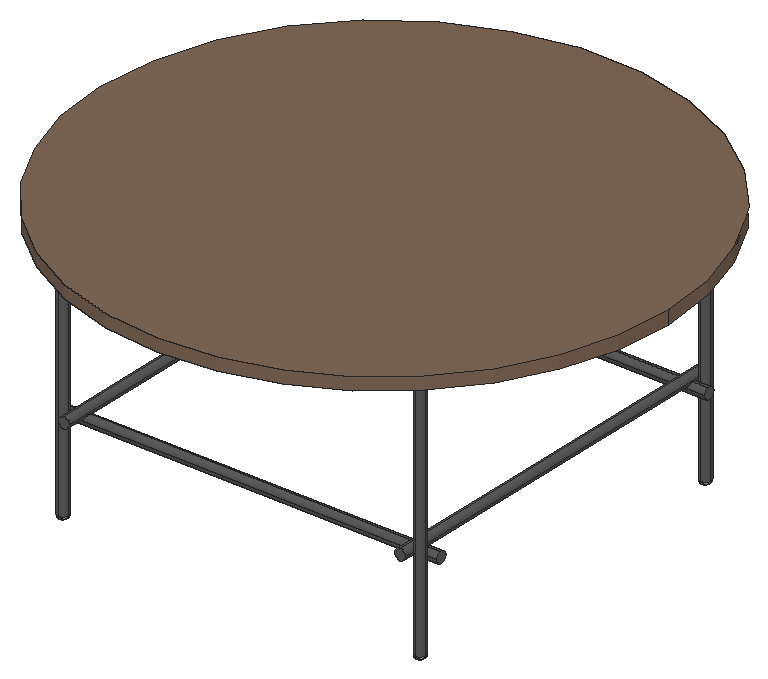
Revit family "FU_Modular_Sandler_NUC0120", category Furniture, Revit 2020
Family settings
  OmniClass Number = 23.40.20.00
  OmniClass Title = General Furniture and Specialties
  Work Plane-Based = No
  Always vertical = Yes
  Cut with Voids When Loaded = No
  Shared = No
  Room Calculation Point = No
Parameters (values of type "NUC0120")
  Width = 800 mm
  URL = "https://www.sandlerseating.com/product/nuc-0120/"
  Top [instance] = Wood - Black Walnut
  Model = "NUC 0120"
  Manufacturer = "Sandler"
  Height = 380 mm
  Frame [instance] = Epoxy - M1_B00 - Black
  Description = "Low table on epoxy steel frame. 80cm / 31.5″ diameter."
  Depth = 800 mm
  Default Elevation = 0 mm
Reference planes
  plane 1 "Center (Front/Back)": y = 0
  plane 2: z = 0
  plane 3 "Center (Left/Right)": x = 0
  plane 4 "Right": x = -400
  plane 5 "Left": x = 400
  plane 6 "Back": y = 400
  plane 7 "Front": y = -400
  plane 8 "Height": z = 380
  plane 9 "Top base": z = 362
  plane 10 "Right Inner": x = -368
  plane 11 "Front Inner": y = -368
  plane 12 "Left Inner": x = 368
  plane 13 "Back Inner": y = 368
Forms (mm)
  Extrusion 1, solid, material "Wood - Black Walnut" <- "Top"
    sketch origin (0, 0, 362) x (-1, 0, 0) y (0, -1, 0)
      loop
        circle (0, 0) r 400
    from 0 to 18
Dimensions and locks
  equal spacing: plane 4 "Right", plane 3 "Center (Left/Right)", plane 5 "Left"
  "Width": plane 4 "Right" to plane 5 "Left"
  equal spacing: plane 6 "Back", plane 1 "Center (Front/Back)", plane 7 "Front"
  "Depth": plane 6 "Back" to plane 7 "Front"
  "Height": plane 8 "Height" to level
  plane 8 "Height" to plane 9 "Top base" = 18 mm
  locked: plane 6 "Back" to plane 13 "Back Inner" at 32
  locked: plane 4 "Right" to plane 10 "Right Inner" at 32
  locked: plane 11 "Front Inner" to plane 7 "Front" at 32
  locked: plane 12 "Left Inner" to plane 5 "Left" at 32
  aligned and locked: level to plane 2
Automatic sketch dimensions
  plane 1 "Center (Front/Back)" to Extrusion 1 sketch curve = 0 mm
  Extrusion 1 sketch curve to plane 3 "Center (Left/Right)" = 0 mm
  radius of Extrusion 1 sketch curve = 400 mm
Nested families
  nested 1: "NUC_Frame" at (0, 0, 0), Frame <- "Frame", type "Frame 020"
    with Frame Epoxy - M1_B00 - Black, Height 490 mm
Definition of nested family "NUC_Frame"
  Parameters (values of type "Frame 020")
    Width = 600 mm
    URL = ""
    Model = ""
    Manufacturer = ""
    Height = 495 mm
    Frame [instance] = none
    Description = ""
    Depth = 600 mm
    Default Elevation = 0 mm
  Reference planes
    plane 1 "Center (Front/Back)": y = 0
    plane 2: z = 0
    plane 3 "Center (Left/Right)": x = 0
    plane 4 "Right": x = -300
    plane 5 "Left": x = 300
    plane 6 "Back": y = 300
    plane 7 "Front": y = -300
    plane 8 "Height": z = 495
    plane 9 "Seat base": z = 380
    plane 10 "Cross Right TOP": x = -268.091
    plane 11 "Side Back TOP": y = 267.81
    plane 12 "RL CY TOP": x = -251.061
    plane 13 "RS C TOP": x = -235.848
    plane 14 "BL CX TOP": y = 250.755
    plane 15 "BC C TOP": y = 235.681
    plane 16 "Side Front TOP": y = -267.81
    plane 17 "FL CX TOP": y = -250.755
    plane 18 "FC C TOP": y = -235.229
    plane 19 "Cross Left TOP": x = 268.091
    plane 20 "FL CY TOP": x = 251.061
    plane 21 "LS C TOP": x = 236.785
    plane 22 "Glide FRONT": z = 5.5
    plane 23 "Cross C FRONT": z = 125.125
    plane 24 "Side C RIGHT": z = 132.455
  Forms (mm)
    Sweep 1, solid, material <- "Frame"
      path origin (0, 250.755, 0) x (1, 0, 0) y (0, 0, 1)
        loop
          line (-251.061, 5.5) -> (-251.061, 380)
      profile "Pro_Circles : 15mm" origin (-251.061, 250.755, 192.75) x (-1, 0, 0) y (0, -1, 0)
        loop
          arc (-7.467, 0.067) -> (-5.347, -5.252) -> (-0.067, -7.467) r 7.401
          arc (-0.067, -7.467) -> (5.3, -5.301) -> (7.467, 0.067) r 7.402
          arc (7.467, 0.067) -> (5.252, 5.347) -> (-0.067, 7.467) r 7.401
          arc (-0.067, 7.467) -> (-5.299, 5.299) -> (-7.467, 0.067) r 7.4
    Sweep 2, solid, material <- "Frame"
      path origin (0, -250.755, 0) x (1, 0, 0) y (0, 0, 1)
        loop
          line (-251.061, 5.5) -> (-251.061, 380)
      profile "Pro_Circles : 15mm" origin (-251.061, -250.755, 192.75) x (1, 0, 0) y (0, 1, 0)
        loop
          arc (7.467, 0.067) -> (5.299, 5.299) -> (0.067, 7.467) r 7.4
          arc (0.067, 7.467) -> (-5.252, 5.347) -> (-7.467, 0.067) r 7.401
          arc (-7.467, 0.067) -> (-5.3, -5.301) -> (0.067, -7.467) r 7.402
          arc (0.067, -7.467) -> (5.347, -5.252) -> (7.467, 0.067) r 7.401
    Sweep 3, solid, material <- "Frame"
      path origin (0, 250.755, 0) x (-1, 0, 0) y (0, 0, 1)
        loop
          line (-251.061, 5.5) -> (-251.061, 380)
      profile "Pro_Circles : 15mm" origin (251.061, 250.755, 192.75) x (-1, 0, 0) y (0, -1, 0)
        loop
          arc (7.467, 0.067) -> (5.299, 5.299) -> (0.067, 7.467) r 7.4
          arc (0.067, 7.467) -> (-5.252, 5.347) -> (-7.467, 0.067) r 7.401
          arc (-7.467, 0.067) -> (-5.3, -5.301) -> (0.067, -7.467) r 7.402
          arc (0.067, -7.467) -> (5.347, -5.252) -> (7.467, 0.067) r 7.401
    Sweep 4, solid, material <- "Frame"
      path origin (0, -250.755, 0) x (-1, 0, 0) y (0, 0, 1)
        loop
          line (-251.061, 5.5) -> (-251.061, 380)
      profile "Pro_Circles : 15mm" origin (251.061, -250.755, 192.75) x (1, 0, 0) y (0, 1, 0)
        loop
          arc (-7.467, 0.067) -> (-5.347, -5.252) -> (-0.067, -7.467) r 7.401
          arc (-0.067, -7.467) -> (5.3, -5.301) -> (7.467, 0.067) r 7.402
          arc (7.467, 0.067) -> (5.252, 5.347) -> (-0.067, 7.467) r 7.401
          arc (-0.067, 7.467) -> (-5.299, 5.299) -> (-7.467, 0.067) r 7.4
    Sweep 5, solid, material <- "Frame"
      path origin (0, 235.681, 0) x (1, 0, 0) y (0, 0, 1)
        loop
          line (-268.091, 125.125) -> (268.091, 125.125)
      profile "Pro_Circles : 15mm" origin (0, 235.681, 125.125) x (0, 0, 1) y (0, -1, 0)
        loop
          arc (-7.467, 0.067) -> (-5.347, -5.252) -> (-0.067, -7.467) r 7.401
          arc (-0.067, -7.467) -> (5.3, -5.301) -> (7.467, 0.067) r 7.402
          arc (7.467, 0.067) -> (5.252, 5.347) -> (-0.067, 7.467) r 7.401
          arc (-0.067, 7.467) -> (-5.299, 5.299) -> (-7.467, 0.067) r 7.4
    Sweep 6, solid, material <- "Frame"
      path origin (0, -235.229, 0) x (1, 0, 0) y (0, 0, 1)
        loop
          line (-268.091, 125.125) -> (268.091, 125.125)
      profile "Pro_Circles : 15mm" origin (0, -235.229, 125.125) x (0, 0, -1) y (0, 1, 0)
        loop
          arc (7.467, 0.067) -> (5.299, 5.299) -> (0.067, 7.467) r 7.4
          arc (0.067, 7.467) -> (-5.252, 5.347) -> (-7.467, 0.067) r 7.401
          arc (-7.467, 0.067) -> (-5.3, -5.301) -> (0.067, -7.467) r 7.402
          arc (0.067, -7.467) -> (5.347, -5.252) -> (7.467, 0.067) r 7.401
    Sweep 7, solid, material <- "Frame"
      path origin (0, 0, 132.455) x (0, -1, 0) y (1, 0, 0)
        loop
          line (267.81, -235.848) -> (-267.81, -235.848)
      profile "Pro_Circles : 15mm" origin (-235.848, 0, 132.455) x (-1, 0, 0) y (0, 0, 1)
        loop
          arc (-7.467, 0.067) -> (-5.347, -5.252) -> (-0.067, -7.467) r 7.401
          arc (-0.067, -7.467) -> (5.3, -5.301) -> (7.467, 0.067) r 7.402
          arc (7.467, 0.067) -> (5.252, 5.347) -> (-0.067, 7.467) r 7.401
          arc (-0.067, 7.467) -> (-5.299, 5.299) -> (-7.467, 0.067) r 7.4
    Sweep 8, solid, material <- "Frame"
      path origin (0, 0, 132.455) x (0, -1, 0) y (-1, 0, 0)
        loop
          line (267.81, -236.785) -> (-267.81, -236.785)
      profile "Pro_Circles : 15mm" origin (236.785, 0, 132.455) x (-1, 0, 0) y (0, 0, 1)
        loop
          arc (7.467, 0.067) -> (5.299, 5.299) -> (0.067, 7.467) r 7.4
          arc (0.067, 7.467) -> (-5.252, 5.347) -> (-7.467, 0.067) r 7.401
          arc (-7.467, 0.067) -> (-5.3, -5.301) -> (0.067, -7.467) r 7.402
          arc (0.067, -7.467) -> (5.347, -5.252) -> (7.467, 0.067) r 7.401
    Revolve 9, solid
      sketch origin (0, 250.755, 0) x (1, 0, 0) y (0, 0, 1)
        loop
          line (-258.073, 5.5) -> (-258.073, 2.935)
          arc (-258.073, 2.935) -> (-257.708, 1.769) -> (-256.742, 1.02) r 2.043
          arc (-256.742, 1.02) -> (-253.947, 0.256) -> (-251.061, -0.002) r 16.329
          line (-251.061, -0.002) -> (-251.061, 18.327) -> (-256.144, 18.327) -> (-256.144, 5.5) -> (-258.073, 5.5)
        axis (-251.061, 18.327) -> (-251.061, -0.002)
      angle from 0 to 360
    Revolve 10, solid
      sketch origin (0, 250.755, 0) x (-1, 0, 0) y (0, 0, 1)
        loop
          line (-258.073, 5.5) -> (-258.073, 2.935)
          arc (-258.073, 2.935) -> (-257.708, 1.769) -> (-256.742, 1.02) r 2.043
          arc (-256.742, 1.02) -> (-253.947, 0.256) -> (-251.061, -0.002) r 16.329
          line (-251.061, -0.002) -> (-251.061, 18.327) -> (-256.144, 18.327) -> (-256.144, 5.5) -> (-258.073, 5.5)
        axis (-251.061, 18.327) -> (-251.061, -0.002)
      angle from 0 to 360
    Revolve 11, solid
      sketch origin (0, -250.755, 0) x (1, 0, 0) y (0, 0, 1)
        loop
          line (258.073, 5.5) -> (256.144, 5.5) -> (256.144, 18.327) -> (251.061, 18.327) -> (251.061, -0.002)
          arc (251.061, -0.002) -> (253.947, 0.256) -> (256.742, 1.02) r 16.329
          arc (256.742, 1.02) -> (257.708, 1.769) -> (258.073, 2.935) r 2.043
          line (258.073, 2.935) -> (258.073, 5.5)
        axis (251.061, 18.327) -> (251.061, -0.002)
      angle from 0 to 360
    Revolve 12, solid
      sketch origin (0, -250.755, 0) x (1, 0, 0) y (0, 0, 1)
        loop
          line (-258.073, 5.5) -> (-258.073, 2.935)
          arc (-258.073, 2.935) -> (-257.708, 1.769) -> (-256.742, 1.02) r 2.043
          arc (-256.742, 1.02) -> (-253.947, 0.256) -> (-251.061, -0.002) r 16.329
          line (-251.061, -0.002) -> (-251.061, 18.327) -> (-256.144, 18.327) -> (-256.144, 5.5) -> (-258.073, 5.5)
        axis (-251.061, 18.327) -> (-251.061, -0.002)
      angle from 0 to 360
  Dimensions and locks
    equal spacing: plane 4 "Right", plane 3 "Center (Left/Right)", plane 5 "Left"
    "Width": plane 4 "Right" to plane 5 "Left"
    equal spacing: plane 6 "Back", plane 1 "Center (Front/Back)", plane 7 "Front"
    "Depth": plane 6 "Back" to plane 7 "Front"
    "Height": plane 8 "Height" to level
    plane 8 "Height" to plane 9 "Seat base" = 115 mm
    plane 6 "Back" to plane 11 "Side Back TOP" to plane 14 "BL CX TOP" to plane 15 "BC C TOP" = 32.19 mm locked, 17.055 mm locked, 15.074 mm locked
    plane 4 "Right" to plane 10 "Cross Right TOP" to plane 12 "RL CY TOP" to plane 13 "RS C TOP" = 31.909 mm locked, 17.03 mm locked, 15.213 mm locked
    plane 21 "LS C TOP" to plane 20 "FL CY TOP" to plane 19 "Cross Left TOP" to plane 5 "Left" = 14.275 mm locked, 17.03 mm locked, 31.909 mm locked
    plane 18 "FC C TOP" to plane 17 "FL CX TOP" to plane 16 "Side Front TOP" to plane 7 "Front" = 15.526 mm locked, 17.055 mm locked, 32.19 mm locked
    aligned and locked: level to plane 2
    aligned and locked: plane 9 "Seat base" to Sweep 1 sketch curve
    aligned and locked: plane 22 "Glide FRONT" to Sweep 1 sketch curve
    aligned and locked: plane 19 "Cross Left TOP" to Sweep 5 sketch curve
    aligned and locked: plane 10 "Cross Right TOP" to Sweep 5 sketch curve
    aligned and locked: plane 11 "Side Back TOP" to Sweep 7 sketch curve
    aligned and locked: plane 16 "Side Front TOP" to Sweep 7 sketch curve
  Automatic sketch dimensions
    plane 12 "RL CY TOP" to Sweep 1 sketch curve = 0 mm
    Sweep 2 sketch curve to plane 9 "Seat base" = 0 mm
    plane 12 "RL CY TOP" to Sweep 2 sketch curve = 0 mm
    Sweep 2 sketch curve to plane 22 "Glide FRONT" = 0 mm
    Sweep 3 sketch curve to plane 9 "Seat base" = 0 mm
    Sweep 3 sketch curve to plane 20 "FL CY TOP" = 0 mm
    Sweep 3 sketch curve to plane 22 "Glide FRONT" = 0 mm
    Sweep 4 sketch curve to plane 9 "Seat base" = 0 mm
    Sweep 4 sketch curve to plane 20 "FL CY TOP" = 0 mm
    Sweep 4 sketch curve to plane 22 "Glide FRONT" = 0 mm
    Sweep 5 sketch curve to plane 23 "Cross C FRONT" = 0 mm
    plane 10 "Cross Right TOP" to Sweep 6 sketch curve = 0 mm
    Sweep 6 sketch curve to plane 19 "Cross Left TOP" = 0 mm
    Sweep 6 sketch curve to plane 23 "Cross C FRONT" = 0 mm
    Sweep 7 sketch curve to plane 13 "RS C TOP" = 0 mm
    plane 11 "Side Back TOP" to Sweep 8 sketch curve = 0 mm
    Sweep 8 sketch curve to plane 16 "Side Front TOP" = 0 mm
    Sweep 8 sketch curve to plane 21 "LS C TOP" = 0 mm
    Revolve 9 sketch curve to plane 22 "Glide FRONT" = 0 mm
    plane 12 "RL CY TOP" to Revolve 9 sketch curve = 0 mm  (x2)
    plane 12 "RL CY TOP" to Revolve 9 sketch curve = 4.969 mm
    plane 12 "RL CY TOP" to Revolve 9 sketch curve = 5.083 mm
    Revolve 9 sketch curve to Revolve 9 sketch curve = 1.929 mm
    Revolve 9 sketch curve to plane 12 "RL CY TOP" = 0.006 mm
    Revolve 9 sketch curve to Revolve 9 sketch curve = 2.565 mm
    Revolve 9 sketch curve to level = 0.002 mm
    plane 22 "Glide FRONT" to Revolve 9 sketch curve = 10.827 mm
    Revolve 9 sketch curve to Revolve 9 sketch curve = 2 mm
    Revolve 9 sketch curve to Revolve 9 sketch curve = 3.769 mm
    Revolve 9 sketch curve to Revolve 9 sketch curve = 2.902 mm
    Revolve 10 sketch curve to plane 22 "Glide FRONT" = 0 mm
    Revolve 10 sketch curve to plane 20 "FL CY TOP" = 0 mm  (x2)
    Revolve 10 sketch curve to plane 20 "FL CY TOP" = 4.969 mm
    Revolve 10 sketch curve to plane 20 "FL CY TOP" = 5.083 mm
    Revolve 10 sketch curve to Revolve 10 sketch curve = 1.929 mm
    plane 20 "FL CY TOP" to Revolve 10 sketch curve = 0.006 mm
    plane 22 "Glide FRONT" to Revolve 10 sketch curve = 2.565 mm
    level to Revolve 10 sketch curve = 0.002 mm
    Revolve 10 sketch curve to plane 22 "Glide FRONT" = 10.827 mm
    Revolve 10 sketch curve to Revolve 10 sketch curve = 2 mm
    Revolve 10 sketch curve to Revolve 10 sketch curve = 3.769 mm
    Revolve 10 sketch curve to Revolve 10 sketch curve = 2.902 mm
    Revolve 11 sketch curve to plane 20 "FL CY TOP" = 0 mm  (x2)
    Revolve 11 sketch curve to plane 22 "Glide FRONT" = 0 mm
    plane 20 "FL CY TOP" to Revolve 11 sketch curve = 0.006 mm
    Revolve 11 sketch curve to plane 20 "FL CY TOP" = 4.969 mm
    Revolve 11 sketch curve to plane 20 "FL CY TOP" = 5.083 mm
    Revolve 11 sketch curve to Revolve 11 sketch curve = 1.929 mm
    plane 22 "Glide FRONT" to Revolve 11 sketch curve = 2.565 mm
    level to Revolve 11 sketch curve = 0.002 mm
    Revolve 11 sketch curve to plane 22 "Glide FRONT" = 10.827 mm
    Revolve 11 sketch curve to Revolve 11 sketch curve = 2 mm
    Revolve 11 sketch curve to Revolve 11 sketch curve = 3.769 mm
    Revolve 11 sketch curve to Revolve 11 sketch curve = 2.902 mm
    Revolve 12 sketch curve to plane 22 "Glide FRONT" = 0 mm
    plane 12 "RL CY TOP" to Revolve 12 sketch curve = 0 mm  (x2)
    Revolve 12 sketch curve to plane 12 "RL CY TOP" = 4.969 mm
    Revolve 12 sketch curve to plane 12 "RL CY TOP" = 5.083 mm
    Revolve 12 sketch curve to Revolve 12 sketch curve = 1.929 mm
    plane 12 "RL CY TOP" to Revolve 12 sketch curve = 0.006 mm
    Revolve 12 sketch curve to Revolve 12 sketch curve = 2.565 mm
    level to Revolve 12 sketch curve = 0.002 mm
    Revolve 12 sketch curve to plane 22 "Glide FRONT" = 10.827 mm
    Revolve 12 sketch curve to Revolve 12 sketch curve = 2 mm
    Revolve 12 sketch curve to Revolve 12 sketch curve = 3.769 mm
    Revolve 12 sketch curve to Revolve 12 sketch curve = 2.902 mm
